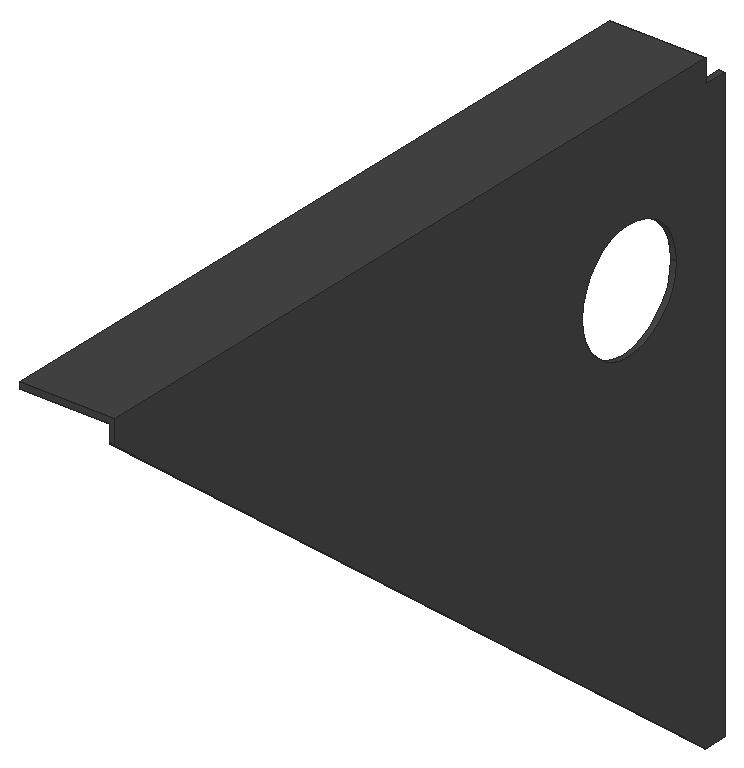
Revit family "22eeed867a3547b5bfde643342608172", category Furniture Systems, Revit 2021
Family settings
  Round Connector Dimension = Use Diameter
  Part Type = Normal
  OmniClass Number = 23.40.70.14.64.21
  OmniClass Title = Systems Furniture
  Work Plane-Based = No
  Always vertical = Yes
  Cut with Voids When Loaded = No
  Shared = Yes
  Room Calculation Point = No
Parameters (values of type "16" x 13"")
  Type Comments = "16\" x 13\" Bracket Hardware"
  Two Sided [instance] = no
  Default Elevation = 0"
  Bracket Material [instance] = Metal - Painted Black
  Assembly Code = ""
Reference planes (in)
  plane 1 "Center (Front/Back)": y = 0
  plane 2: z = 0
  plane 3 "Center (Left/Right)": x = 0
  plane 4: y = -16
  plane 5 "Left": x = -2
  plane 6 "Right": x = 2
  plane 7: x = -0.125
  plane 8: x = 0.125
  plane 9 "Bottom": z = -13
Forms (in)
  Extrusion 1, solid, material "Metal - Painted Black" <- "Bracket Material"
    sketch origin (0, 0, 0) x (0, 1, 0) y (0, 0, 1)
      loop
        line (0, -13) -> (0, -0.5) -> (-0.5, -0.5) -> (-0.5, 0) -> (-16, 0) -> (-16, -0.5) -> (-0.5, -13) -> (0, -13)
      loop
        circle (-2.5, -3.5) r 1.25
    from -0.125 to 0
  Extrusion 2, solid, material "Metal - Painted Black" <- "Bracket Material"
    sketch origin (0, 0, 0) x (1, 0, 0) y (0, 0, 1)
      loop
        line (-2, 0) -> (-2, -0.125) -> (-0.125, -0.125) -> (-0.125, 0) -> (-2, 0)
    from 0.5 to 16
  Extrusion 3, solid, material "Metal - Painted Black" <- "Bracket Material", visible <- "Two Sided"
    sketch origin (0, 0, 0) x (-1, 0, 0) y (0, 0, -1)
      loop
        line (-2, 0) -> (-0.125, 0) -> (-0.125, 0.125) -> (-2, 0.125) -> (-2, 0)
    from 0.5 to 16
  Extrusion 4, solid, material "Metal - Painted Black" <- "Bracket Material", visible <- "Two Sided"
    sketch origin (0, 0, 0) x (0, 1, 0) y (0, 0, 1)
      loop
        line (-16, 0) -> (-16, -0.5) -> (-14.14, -2) -> (-0.5, -2) -> (-0.5, 0) -> (-16, 0)
    from 0 to 0.125
Cuts and joins
  joined: Extrusion 1, Extrusion 2
  joined: Extrusion 3, Extrusion 4
Dimensions and locks (in)
  locked: plane 5 "Left" to plane 3 "Center (Left/Right)" at 2
  locked: plane 3 "Center (Left/Right)" to plane 6 "Right" at 2
  plane 7 to plane 3 "Center (Left/Right)" to plane 8 = 1/8" locked, 1/8" locked
  locked: plane 2 to plane 9 "Bottom" at 13
  locked: plane 4 to plane 1 "Center (Front/Back)" at 16
  locked: plane 2 to Extrusion 1 sketch curve at 0.5  (x2)
  locked: plane 1 "Center (Front/Back)" to Extrusion 1 sketch curve at 0.5  (x2)
  locked: plane 1 "Center (Front/Back)" to Extrusion 1 sketch curve at 2.5
  locked: plane 2 to Extrusion 1 sketch curve at 3.5
  locked: plane 2 to Extrusion 2 sketch curve at 0.125
  locked: plane 2 to Extrusion 3 sketch curve at 0.125
  locked: Extrusion 4 sketch curve to plane 1 "Center (Front/Back)" at 0.5
  locked: plane 2 to Extrusion 4 sketch curve at 2
  aligned and locked: Extrusion 1 sketch curve to plane 2
  aligned and locked: plane 1 "Center (Front/Back)" to Extrusion 1 sketch curve
  aligned and locked: Extrusion 1 sketch curve to plane 4
  aligned and locked: Extrusion 1 sketch curve to plane 9 "Bottom"
  aligned and locked: plane 3 "Center (Left/Right)" to Extrusion 1
  aligned and locked: plane 7 to Extrusion 1
  aligned and locked: Extrusion 2 sketch curve to plane 5 "Left"
  aligned and locked: Extrusion 2 sketch curve to plane 2
  aligned and locked: plane 7 to Extrusion 2 sketch curve
  aligned and locked: Extrusion 2 to plane 4
  aligned and locked: Extrusion 1 to Extrusion 2
  aligned and locked: Extrusion 3 to plane 6 "Right"
  aligned and locked: Extrusion 3 to cut or joined group of Extrusion 1, Extrusion 2
  aligned and locked: Extrusion 3 to plane 4
  aligned and locked: Extrusion 4 sketch curve to plane 2
  aligned and locked: plane 4 to Extrusion 4 sketch curve
  aligned and locked: Extrusion 4 to plane 3 "Center (Left/Right)"
  aligned and locked: Extrusion 4 to plane 8
